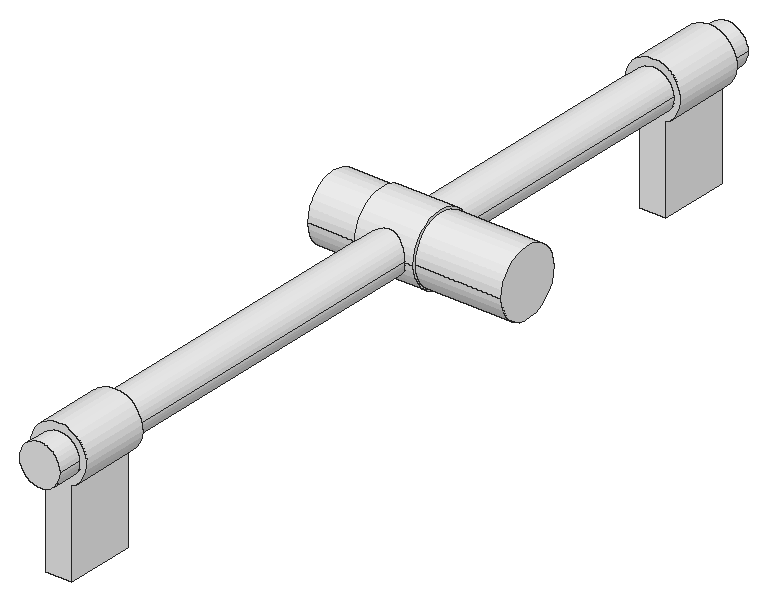
Revit family "Shower_Slide_Bar-GROHE-Tempesta-26922_Series", category Plumbing Fixtures, host Face, Revit 2019
Family settings
  Host = Face
  Round Connector Dimension = Use Diameter
  Part Type = Normal
  OmniClass Number = 23.45.05.14.17
  OmniClass Title = Showers
  Cut with Voids When Loaded = No
  Shared = Yes
  Room Calculation Point = No
Parameters (values of type "26922001")
  Width = 2 3/8"  # constant formula
  Waste Connection = no
  WFU = 4  # constant formula
  Vent Connection = no
  URL = "https://www.grohe.com"
  Type Comments = "Adjustable hand shower holder glider"
  Tempered Connection Diameter = 1/2"
  Model = "26922001"
  Material = "Metal-Grohe-001-StarLight Chrome"
  Manufacturer = "Grohe"
  Installation Type = "Wall Mounted"
  Holder Height from Base Constraint = Holder Height from Base - 2"  # 8"
  Holder Height from Base = 10"
  Height = Adjustable Height Constraint  # 18 1/2"
  HWFU = 3  # constant formula
  HW Connection = no
  Finish = Metal-Grohe-001-StarLight Chrome
  Description = "24” (900MM) SHOWER SLIDE BAR"  # constant formula
  Default Elevation = 0"
  Creation Date = "02/20/2024"  # constant formula
  Compliance Certifications = "• WaterSense• CEC Certified• CALGreen Compliant• Massachusetts Plumbing Board Approved• Energy Policy Act of 1992• CSA B125.1• ASME A112.18.1"
  CalGreen Compliant = yes
  CWFU = 3  # constant formula
  CW Connection = no
  CEC Compliant = yes
  Assembly Code = "D2010710"
  Adjustable Height Constraint /2 = Adjustable Height Constraint / 2  # 9 1/4"
  Adjustable Height Constraint = if(Adjustable Height < 18 1/2", 18 1/2", if(Adjustable Height > 24 7/16", 24 7/16", Adjustable Height))  # 18 1/2"
  Adjustable Height = 18 1/2"
Types (4): name | Model | Material | Finish
  (no name) | "26922001" | "Metal-Grohe-001-StarLight Chrome" | Metal-Grohe-001-StarLight Chrome
  26922001 | "26922001" | "Metal-Grohe-001-StarLight Chrome" | Metal-Grohe-001-StarLight Chrome
  269222431 | "269222431" | "Metal-Grohe-2431-Matte Black" | Metal-Grohe-2431-Matte Black
  26922EN1 | "26922EN1" | "Metal-Grohe-EN1-Brushed Nickel Infinity Finish" | Metal-Grohe-EN1-Brushed Nickel Infinity Finish
Reference planes (in)
  plane 1 "Center (Front/Back)": y = 0
  plane 2: z = 0
  plane 3 "Center (Left/Right)": x = 0
  plane 4: x = -1.4375
  plane 5: x = 1.4375
  plane 6: z = 2.375
  plane 7: y = 9.25
  plane 8: y = -9.25
  plane 9: y = 8.75
  plane 10: y = 7.25
  plane 11: y = -8.75
  plane 12: y = -7.25
  plane 13: y = 0.75
Forms (in)
  Extrusion 1, solid, material "Metal-Grohe-001-StarLight Chrome" <- "Finish"
    sketch origin (0, 0, 0) x (1, 0, 0) y (0, 0, 1)
      loop
        circle (0, 2.375) r 0.43977
    from -9.25 to 9.25
  Extrusion 2, solid, material "Metal-Grohe-001-StarLight Chrome" <- "Finish"
    sketch origin (0, 0, 0) x (1, 0, 0) y (0, 0, 1)
      loop
        arc (0.28396, 1.84664) -> (0, 2.97483) -> (-0.28396, 1.84664) r 0.59983
        line (-0.28396, 1.84664) -> (-0.28396, 0) -> (0.28396, 0) -> (0.28396, 1.84664)
    from 7.25 to 8.75
  Extrusion 3, solid, material "Metal-Grohe-001-StarLight Chrome" <- "Finish"
    sketch origin (0, 0, 0) x (1, 0, 0) y (0, 0, 1)
      loop
        arc (0.28396, 1.84664) -> (0, 2.97483) -> (-0.28396, 1.84664) r 0.59983
        line (-0.28396, 1.84664) -> (-0.28396, 0) -> (0.28396, 0) -> (0.28396, 1.84664)
    from -8.75 to -7.25
Lines and regions (in)
  Masking region 1
    outline origin (0, 0, 0) x (1, 0, 0) y (0, 0, 1)
      loop
        line (2.49409, 1.67303) -> (2.49409, 3.09036) -> (0.62992, 3.09036) -> (0.62992, 3.13169) -> (-0.62992, 3.13169) -> (-0.62992, 3.09036) -> (-1.66732, 3.09036) -> (-1.66732, 1.67303) -> (-0.62992, 1.67303) -> (-0.62992, 1.63169) -> (-0.28396, 1.63169) -> (-0.28396, 0) -> (0.28396, 0) -> (0.28396, 1.63169) -> (0.62992, 1.63169) -> (0.62992, 1.67303) -> (2.49409, 1.67303)
  symbolic lines, detail levels medium+fine
    curve 1: line (0.62992, 0, 1.63169) -> (0.62992, 0, 3.13169)
    curve 2: line (-0.62992, 0, 3.13169) -> (-0.62992, 0, 1.63169)
    curve 5: arc (0.28396, 0, 1.84664) -> (0, 0, 2.97483) -> (-0.28396, 0, 1.84664) r 0.59983
    curve 6: line (0.28396, 0, 0) -> (0.28396, 0, 1.84664)
    curve 7: line (-0.28396, 0, 1.84664) -> (-0.28396, 0, 0)
  symbolic lines, detail levels fine
    curve 3: circle (-1.09158, 0, 2.375) r 0.25 normal (0, -1, 0)
    curve 4: circle (0, 0, 2.375) r 0.43977 normal (0, -1, 0)
Dimensions and locks (in)
  equal spacing: plane 4, plane 3 "Center (Left/Right)", plane 5
  locked: plane 4 to plane 5 at 2.875
  plane 6 to host face = 2 3/8"
  Extrusion 2 sketch curve to plane 3 "Center (Left/Right)" to Extrusion 2 sketch curve = 0.28396" locked, 0.28396" locked
  equal spacing: plane 8, plane 1 "Center (Front/Back)", plane 7
  "Adjustable Height Constraint /2": plane 1 "Center (Front/Back)" to plane 7
  locked: plane 7 to plane 9 at 0.5
  locked: plane 9 to plane 10 at 1.5
  locked: plane 11 to plane 12 at 1.5
  locked: plane 8 to plane 11 at 0.5
  "Holder Height from Base Constraint": plane 12 to plane 13
  aligned and locked: plane 2 to host face
  aligned and locked: level to host face
  aligned and locked: Extrusion 2 sketch curve to host face
  aligned and locked: plane 6 to Extrusion 2 sketch curve
  aligned and locked: plane 3 "Center (Left/Right)" to Extrusion 2 sketch curve
  aligned and locked: Extrusion 3 sketch curve to Extrusion 2  (x4)
  aligned and locked: curve 5 to Extrusion 3
  aligned and locked: curve 6 to Extrusion 3
  aligned and locked: curve 7 to Extrusion 3
  aligned and locked: plane 11 to Extrusion 2
  aligned and locked: Extrusion 2 to plane 12
  aligned and locked: plane 9 to Extrusion 3
  aligned and locked: Extrusion 3 to plane 10
  aligned and locked: nested 1 to plane 13
  aligned and locked: plane 3 "Center (Left/Right)" to nested 1
  aligned and locked: plane 8 to Extrusion 1
  aligned and locked: plane 7 to Extrusion 1
Automatic sketch dimensions
  host sketch curve to host sketch curve = 96"  (x2)
  Extrusion 1 sketch curve to plane 3 "Center (Left/Right)" = 0"
  Extrusion 1 sketch curve to plane 6 = 0"
  plane 6 to Extrusion 2 sketch curve = 0.52836"
  Masking region 1 sketch curve to level = 0"
  Masking region 1 sketch curve to plane 4 = 0.22982"
  Masking region 1 sketch curve to plane 3 "Center (Left/Right)" = 0.62992"  (x2)
  Masking region 1 sketch curve to plane 3 "Center (Left/Right)" = 0.28396"
  plane 3 "Center (Left/Right)" to Masking region 1 sketch curve = 0.28396"
  plane 3 "Center (Left/Right)" to Masking region 1 sketch curve = 0.62992"
  Masking region 1 sketch curve to Masking region 1 sketch curve = 0.34596"
  Masking region 1 sketch curve to plane 5 = 1.05659"
  plane 6 to Masking region 1 sketch curve = 0.74331"
  Masking region 1 sketch curve to Masking region 1 sketch curve = 0"
  plane 6 to Masking region 1 sketch curve = 0.70197"  (x2)
  Masking region 1 sketch curve to plane 6 = 0.71536"  (x2)
  Masking region 1 sketch curve to Masking region 1 sketch curve = 0.04134"
  curve 6 to level = 0"
  curve 7 to level = 0"
  curve 1 to curve 6 = 0.21495"
  curve 2 to curve 7 = 0.21495"
  curve 2 to plane 6 = 0.75669"
  curve 1 to plane 6 = 0.75669"
  curve 3 to plane 6 = 0"
  plane 4 to curve 3 = 0.34592"
  curve 4 to curve 5 = 0"  (x2)
  curve 2 to plane 3 "Center (Left/Right)" = 0.62992"
  curve 6 to curve 1 = 0.34596"
  radius of Extrusion 1 sketch curve = 0.43977"
  radius of curve 3 = 1/4"
  radius of curve 4 = 0.43977"
Nested families (in)
  nested 1: "holder" at (0, 0.75, 0), Finish <- "Finish", type "26636"
    with Finish Metal-Grohe-001-StarLight Chrome
Definition of nested family "holder"
  Parameters (values of type "26922001")
    Width = 2 3/8"  # constant formula
    Waste Connection = no
    WFU = 4  # constant formula
    Vent Connection = no
    URL = "https://www.grohe.com"
    Type Comments = "Adjustable hand shower holder glider"
    Tempered Connection Diameter = 1/2"
    Model = "26922001"
    Material = "Metal-Grohe-001-StarLight Chrome"
    Manufacturer = "Grohe"
    Installation Type = "Wall Mounted"
    Height = Adjustable Height Constraint  # 18 1/2"
    HWFU = 3  # constant formula
    HW Connection = yes
    Flow Rate = "2.0 gpm (7.6 L/min.)"
    Finish [instance] = none
    Description = "24” (600MM) SHOWER SLIDE BAR"  # constant formula
    Default Elevation = 0"
    Creation Date = "02/20/2024"  # constant formula
    Compliance Certifications = "• WaterSense• CEC Certified• CALGreen Compliant• Massachusetts Plumbing Board Approved• Energy Policy Act of 1992• CSA B125.1• ASME A112.18.1"
    CalGreen Compliant = yes
    CWFU = 3  # constant formula
    CW Connection = yes
    CEC Compliant = yes
    Assembly Code = "D2010710"
    Adjustable Height Constraint = if(Adjustable Height < 18 1/2", 18 1/2", if(Adjustable Height > 24 7/16", 24 7/16", Adjustable Height))  # 18 1/2"
    Adjustable Height = 18 1/2"
  Reference planes (in)
    plane 1 "Center (Front/Back)": y = 0
    plane 2: z = 0
    plane 3 "Center (Left/Right)": x = 0
    plane 4: x = -1.4375
    plane 5: x = 1.4375
    plane 6: z = 2.375
  Forms (in)
    Extrusion 1, solid
      sketch origin (0, 0, 0) x (1, 0, 0) y (0, 1, 0)
        loop
          line (-48, 48) -> (-48, -48) -> (48, -48) -> (48, 48) -> (-48, 48)
      from 0 to -12
    Extrusion 2, solid, material <- "Finish"
      sketch origin (0, 0.20874, 0) x (0, 1, 0) y (0, 0, 1)
        loop
          circle (-0.20874, 2.38169) r 0.70866
      from -1.66732 to 2.49409
    Extrusion 3, solid, material <- "Finish"
      sketch origin (-0.29687, 0.12145, 0) x (1, 0, 0) y (0, 0, 1)
        loop
          circle (-0.7947, 2.375) r 0.25
      from -0.69353 to 0.30713
    Extrusion 4, solid, material <- "Finish"
      sketch origin (0, 0.20874, 0) x (0, 1, 0) y (0, 0, 1)
        loop
          circle (-0.20874, 2.38169) r 0.75
      from -0.62992 to 0.62992
  Cuts and joins
    joined: Extrusion 2, Extrusion 3, Extrusion 4
  Dimensions and locks (in)
    equal spacing: plane 4, plane 3 "Center (Left/Right)", plane 5
    locked: plane 4 to plane 5 at 2.875
    plane 6 to Extrusion 1 = 2 3/8"
    aligned and locked: plane 2 to Extrusion 1
    aligned and locked: level to Extrusion 1
  Automatic sketch dimensions
    Extrusion 1 sketch curve to Extrusion 1 sketch curve = 96"  (x2)
    Extrusion 2 sketch curve to plane 6 = 0.00669"
    Extrusion 2 sketch curve to plane 1 "Center (Front/Back)" = 0"
    Extrusion 3 sketch curve to plane 6 = 0"
    plane 4 to Extrusion 3 sketch curve = 0.34592"
    Extrusion 4 sketch curve to plane 6 = 0.00669"
    Extrusion 4 sketch curve to plane 1 "Center (Front/Back)" = 0"
    radius of Extrusion 2 sketch curve = 0.70866"
    radius of Extrusion 3 sketch curve = 1/4"
    radius of Extrusion 4 sketch curve = 3/4"
